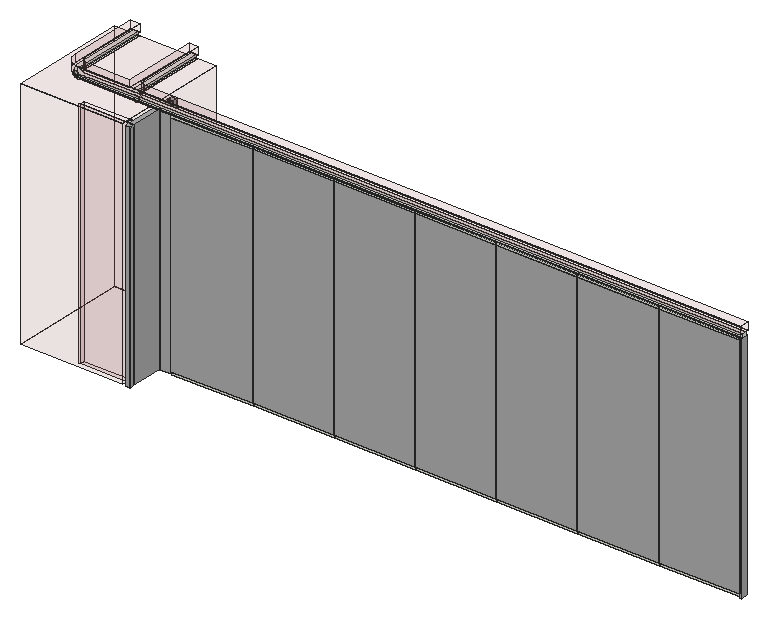
Revit family "Operable-Walls_Modernfold_Encore_Single-Panles_Expandable-9_-Remote-Panel-Parallel-Stack", category Specialty Equipment, Revit 2026
Family settings
  Round Connector Dimension = Use Diameter
  Part Type = Normal
  Classification Number = 23.25.40.17.14
  Work Plane-Based = No
  Enable Cutting in Views = No
  Always vertical = Yes
  Cut with Voids When Loaded = No
  Maintain Annotation Orientation = No
  Shared = No
  Room Calculation Point = No
Parameters (values of type "Pocket Door Type I")
  zWallOffsetMIN [instance] = 0' - 4 7/8"  # constant formula
  zWallOffsetCTRL [instance] = if(Wall Offset < zWallOffsetMIN, zWallOffsetMIN, Wall Offset)  # 0' - 4 7/8"
  zWallJambVis [instance] = if([1.25 Inch Wall Jamb], 1 = 1, if(and(Bulb Seal, NotStack), 1 = 1, 1 = 0))  # yes
  zPocketDoorWidth [instance] = (Clearance Depth) - Stack Depth  # 3' - 0"
  zNoPckt = 1 = 1  # yes
  zHghtLmt [instance] = if(Ceiling Height > Ceiling Height Max, Ceiling Height Max, if(Ceiling Height < Ceiling Height Min, Ceiling Height Min, Ceiling Height))  # 12' - 0"
  zClearanceHeight = 0' - 4 7/8"  # constant formula
  zCCMID [instance] = Carrier Centers / 2  # 1' - 6"
  Wall Offset [instance] = 0' - 0"
  URL = "https://www.modernfold.com/en-US"
  Trim Material = Trim Color - Modernfold-Sherwin Williams® - Natural Choice
  Track Trim = 0' - 0 1/8"  # constant formula
  Track Material = Track Color - Modernfold - White
  Track Clearance Vis [instance] = yes
  StacksWPanel [instance] = and(Stack, Bulb Seal)  # no
  Stack Depth [instance] = (0' 5" * Number of Panels) + 0' 2"  # 3' - 1"
  Stack Clearance Vis [instance] = yes
  Stack [instance] = no
  Pocket Door Primary Leaf [instance] = (zPocketDoorWidth - 0' 6" - 0' 1")  # 2' - 5"
  Pocket Door Clearance Vis [instance] = yes
  Plan View Warning [instance] = or(Panel Width > Panel Width Max, Panel Width < Panel Width Min, Installation Width > Installation Width Max, Ceiling Height > Ceiling Height Max, Ceiling Height < Ceiling Height Min)  # no
  Panel Width [instance] = if(Expander Panel Width = 2' 10", (Installation Width - Lead Condition Width - 0' 7 3/4" - 2' 10") / (Number of Panels - 1), (Installation Width - Lead Condition Width - 0' 7 3/4") / (Number of Panels))  # 4' - 2.14286"
  Panel Thickness = 0' - 4 1/4"  # constant formula
  Panel Material = Wall Finish - Modernfold - Grey
  Expander Carrier Backset [instance] = Expander Panel Width - Carrier Centers - 0' 6"  # 0' - 8.14286"
  Carrier Backset [instance] = (Panel Width - Carrier Centers) / 2  # 0' - 7.07143"
  Additional Panels [instance] = 0
  Number of Panels [instance] = if(Additional Panels = 0, Min Panel Count Allowed, if((Min Panel Count Allowed + Additional Panels) > Max Panel Count Allowed, Max Panel Count Allowed, Min Panel Count Allowed + Additional Panels))  # 7
  NotStack [instance] = not(Stack)  # yes
  Model = "Acousti-Seal® Legacy® & Premier®"
  Min Panel Count Allowed [instance] = roundup((Installation Width - Lead Condition Width - 0' 7 3/4") / (Panel Width Max))  # 7
  Max Panel Count Allowed [instance] = rounddown((Installation Width - Lead Condition Width - 0' 7 3/4" - 2' 10") / (Panel Width Min)) + 1  # 9
  Manufacturer = "Modernfold"  # constant formula
  Lead Condition Width [instance] = if(Bulb Seal, 0' 0 1/4", 0' 1 1/4")  # 0' - 1 1/4"
  Installation Width [instance] = 30' - 0"
  Panel Width Min [instance] = 3' - 0"  # constant formula
  Panel Width Max [instance] = 4' - 3"  # constant formula
  Description = "Encore - Expandable (9\") Remote Panels - Single Panels - Parallel Stack - Pocket Door Type I"
  **Panel Count Available** [instance] = if((Min Panel Count Allowed + Additional Panels) > Max Panel Count Allowed, "Number of Panels does NOT fall within constraints listed. Panel count will default to minimum count allowed.", "Panel Count Available.")  # "Panel Count Available."
  Seal Width = 0' - 1 1/2"  # constant formula
  Panel Array Count [instance] = Number of Panels - 2  # 5
  Hinge Location [instance] = Expander Panel Width + 0' 7 3/4"  # 4' - 9.89286"
  Fabrication Height [instance] = zHghtLmt - Track Trim  # 11' - 11 7/8"
  Clearance Width [instance] = Carrier Centers + Clearance Lead + ClearTrailInt * 0' 1"  # 5' - 3"
  Clearance Trail [instance] = ClearTrailInt * 0' 1"  # 1' - 1"
  Clearance Lead [instance] = ClearLeadInt * 0' 1"  # 1' - 2"
  Clearance Depth [instance] = Stack Depth + 3' 0"  # 6' - 1"
  ClearTrailInt [instance] = roundup((Carrier Backset + 0' 5") / 0' 1")  # 13
  ClearLeadInt [instance] = roundup((Expander Carrier Backset + 0' 5") / 0' 1")  # 14
  Ceiling Height [instance] = 12' - 0"
  Carrier Centers [instance] = if((CSpacingInt * 0' 1") > Carrier Spacing Max, Carrier Spacing Max, (CSpacingInt * 0' 1"))  # 3' - 0"
  CSpacingInt [instance] = rounddown((Panel Width - 1' 0") / 0' 1")  # 38
  Bulb Seal [instance] = not([1.25 Inch Wall Jamb])  # no
  Carrier Spacing Max [instance] = 3' - 0"  # constant formula
  Installation Width Max [instance] = 86' - 5"  # constant formula
  Does not Stack with Panels [instance] = and(Stack, [1.25 Inch Wall Jamb])  # no
  Default Elevation = 0' - 0"
  Ceiling Height Min [instance] = 4' - 2"  # constant formula
  Ceiling Height Max [instance] = 16' - 4"  # constant formula
  Expander Panel Width [instance] = if((Installation Width - Lead Condition Width - 0' 7 3/4") / (Number of Panels) < 2' 10", 2' 10", (Installation Width - Lead Condition Width - 0' 7 3/4") / (Number of Panels))  # 4' - 2.14286"
  Bottom Seal Height = 0' - 2"  # constant formula
  1.25 Inch Wall Jamb [instance] = yes
Reference planes (in)
  plane 1 "Center (Front/Back)": y = 0
  plane 2: z = 0
  plane 3 "Left": x = -57.06482
  plane 4 "F": y = -24
  plane 5 "G": y = 49
  plane 6 "J&K": x = -124.93982
  plane 7 "L": x = -75.93982
  plane 8: x = 0.82804
  plane 9: x = 50.97089
  plane 10: x = 302.93518
  plane 11: x = 301.68518
  plane 12: x = 50.97089
  plane 13: z = 144
  plane 14: z = 143.875
  plane 15: y = 0.75
  plane 16: y = -0.75
  plane 17: z = 2
  plane 18: z = 2.625
  plane 19: y = 2.125
  plane 20: y = -2.125
  plane 21: y = 2.5
  plane 22: y = -2.5
  plane 23: y = 2.1543
  plane 24: y = -2.1543
  plane 25: z = 150.875
  plane 26: z = 142.625
  plane 27: z = 142.125
  plane 28: y = 1.80291
  plane 29: x = -56.81482
  plane 30: x = -111.93982
  plane 31: y = 12
  plane 32: x = -79.93982
  plane 33: x = -93.93982
  plane 34: y = 44.1875
  plane 35: y = 39.5
  plane 36: y = 34.5
  plane 37: x = -61.93982
  plane 38: x = -69.93982
  plane 39: y = 6
  plane 40: x = -105.93982
  plane 41: y = 6
  plane 42: z = 146
  plane 43: x = -117.93982
Forms (in)
  Sweep 1, solid, material "Track Color - Modernfold - White" <- "Track Material"
    path origin (0, 59.99238, 144) x (0, 1, 0) y (-1, 0, 0)
      loop
        line (-59.99238, -302.93518) -> (-59.99238, 69.93982)
        arc (-59.99238, 69.93982) -> (-58.23502, 74.18246) -> (-53.99238, 75.93982) r 6
        line (-53.99238, 75.93982) -> (-10.99238, 75.93982)
    profile "Track-Profile : Track-Profile" origin (116.49768, 0, 144) x (0, -1, 0) y (0, 0, 1)
      loop
        line (1.24975, 2) -> (-1.24975, 2) -> (-1.24975, 0) -> (-2.125, 0) -> (-2.125, -0.125) -> (2.125, -0.125) -> (2.125, 0) -> (1.24975, 0) -> (1.24975, 2)
  Extrusion 2, solid, material "Clearance", visible <- "Stack Clearance Vis"
    sketch origin (0, 0, 0) x (1, 0, 0) y (0, 1, 0)
      loop
        line (-124.93982, 49) -> (-124.93982, -24) -> (-61.93982, -24) -> (-61.93982, 49) -> (-124.93982, 49)
    from 0 to 143.875
  Extrusion 3, solid, material "Clearance", visible <- "Track Clearance Vis"
    sketch origin (0, 0, 0) x (1, 0, 0) y (0, 1, 0)
      loop
        line (-72.93982, 49) -> (-78.93982, 49) -> (-78.93982, 3) -> (-105.93982, 3)
        arc (-105.93982, 3) -> (-108.06114, 3.87868) -> (-108.93982, 6) r 3
        line (-108.93982, 6) -> (-108.93982, 49) -> (-114.93982, 49) -> (-114.93982, 6)
        arc (-114.93982, 6) -> (-112.30378, -0.36396) -> (-105.93982, -3) r 9
        line (-105.93982, -3) -> (302.93518, -3) -> (302.93518, 3) -> (-69.93982, 3)
        arc (-69.93982, 3) -> (-72.06114, 3.87868) -> (-72.93982, 6) r 3
        line (-72.93982, 6) -> (-72.93982, 49)
    from 146 to 150.875
  Sweep 4, solid, material "Track Color - Modernfold - White" <- "Track Material"
    path origin (0, 59.99238, 144) x (0, 1, 0) y (-1, 0, 0)
      loop
        line (-59.99238, 69.93982) -> (-59.99238, 105.93982)
        arc (-59.99238, 105.93982) -> (-58.23502, 110.18246) -> (-53.99238, 111.93982) r 6
        line (-53.99238, 111.93982) -> (-10.99238, 111.93982)
    profile "Track-Profile : Track-Profile" origin (-87.93982, 0, 144) x (0, -1, 0) y (0, 0, 1)
      loop
        line (1.24975, 2) -> (-1.24975, 2) -> (-1.24975, 0) -> (-2.125, 0) -> (-2.125, -0.125) -> (2.125, -0.125) -> (2.125, 0) -> (1.24975, 0) -> (1.24975, 2)
Lines and regions (in)
  symbolic lines, style "Track Centerline"
    curve 1: line (-75.93982, 6, 0) -> (-75.93982, 49, 0)
    curve 2: line (302.93518, 0, 0) -> (-105.93982, 0, 0)
    curve 11: line (-111.93982, 49, 0) -> (-111.93982, 6, 0)
    curve 12: arc (-75.93982, 6, 0) -> (-74.18246, 1.75736, 0) -> (-69.93982, 0, 0) r 6
    curve 13: arc (-111.93982, 6, 0) -> (-110.18246, 1.75736, 0) -> (-105.93982, 0, 0) r 6
  symbolic lines, style "Clearance", visible <- "Track Clearance Vis"
    curve 3: line (302.93518, -3, 0) -> (302.93518, 3, 0)
    curve 14: line (302.93518, 3, 0) -> (-69.93982, 3, 0)
    curve 15: arc (-69.93982, 3, 0) -> (-72.06114, 3.87868, 0) -> (-72.93982, 6, 0) r 3
    curve 16: line (-72.93982, 6, 0) -> (-72.93982, 49, 0)
    curve 17: line (-72.93982, 49, 0) -> (-78.93982, 49, 0)
    curve 18: line (-78.93982, 49, 0) -> (-78.93982, 3, 0)
    curve 19: line (-78.93982, 3, 0) -> (-105.93982, 3, 0)
    curve 20: arc (-105.93982, 3, 0) -> (-108.06114, 3.87868, 0) -> (-108.93982, 6, 0) r 3
    curve 21: line (-108.93982, 6, 0) -> (-108.93982, 49, 0)
    curve 22: line (-108.93982, 49, 0) -> (-114.93982, 49, 0)
    curve 23: line (-114.93982, 49, 0) -> (-114.93982, 6, 0)
    curve 24: arc (-114.93982, 6, 0) -> (-112.30378, -0.36396, 0) -> (-105.93982, -3, 0) r 9
    curve 25: line (-105.93982, -3, 0) -> (302.93518, -3, 0)
    curve 26: line (302.93518, -3, 0) -> (302.93518, 3, 0)
  symbolic lines, style "Track outline"
    curve 4: line (-113.18957, 0, 146) -> (302.93518, 0, 146)
    curve 5: line (-113.18957, 0, 146) -> (-113.18957, 0, 143.875)
    curve 6: line (302.93518, 0, 146) -> (302.93518, 0, 143.875)
    curve 7: line (-57.06482, 44.6543, 143.875) -> (-57.06482, 44.6543, 146)
    curve 8: line (-57.06482, -2.1543, 146) -> (-57.06482, -2.1543, 143.875)
    curve 9: line (-57.06482, -2.5, 143.875) -> (-57.06482, 45.5293, 143.875)
    curve 10: line (-57.06482, 44.6543, 146) -> (-57.06482, -2.1543, 146)
    curve 31: line (-114.06482, 0, 143.875) -> (302.93518, 0, 143.875)
    curve 32: line (-113.18957, 0, 144) -> (302.93518, 0, 144)
    curve 33: line (-57.06482, -2.1543, 144) -> (-57.06482, 44.6543, 144)
  symbolic lines, style "Clearance", visible <- "Stack Clearance Vis"
    curve 27: line (-61.93982, 49, 0) -> (-124.93982, 49, 0)
    curve 28: line (-124.93982, 49, 0) -> (-124.93982, -24, 0)
    curve 29: line (-124.93982, -24, 0) -> (-61.93982, -24, 0)
    curve 30: line (-61.93982, -24, 0) -> (-61.93982, 49, 0)
Dimensions and locks (in)
  "Installation Width": plane 3 "Left" to plane 10
  "Hinge Location": plane 3 "Left" to plane 8
  "Panel Width": plane 8 to plane 9
  "Lead Condition Width": plane 11 to plane 10
  "zHghtLmt": plane 13 to level
  "Track Trim": plane 13 to plane 14
  plane 14 to level = 11' - 11 7/8"
  "Bottom Seal Height": plane 17 to level
  equal spacing: plane 15, plane 1 "Center (Front/Back)", plane 16
  "Seal Width": plane 15 to plane 16
  locked: plane 18 to plane 17 at 0.625
  equal spacing: plane 19, plane 1 "Center (Front/Back)", plane 20
  "Panel Thickness": plane 19 to plane 20
  equal spacing: plane 21, plane 1 "Center (Front/Back)", plane 22
  locked: plane 21 to plane 22 at 5
  plane 14 to plane 26 to plane 27 = 0' - 1 1/4" locked, 0' - 0 1/2" locked
  equal spacing: group 1, group 5, group 7, group 8, group 2  (x3)
  equal spacing: group 3, group 6, group 9, group 10, group 4  (x3)
  locked: plane 1 "Center (Front/Back)" to plane 28 at 1.80291
  locked: plane 3 "Left" to plane 29 at 0.25
  locked: plane 1 "Center (Front/Back)" to plane 31 at 12
  "Stack Depth": plane 31 to plane 5 "G"
  locked: plane 32 to plane 7 "L" at 4
  locked: plane 5 "G" to plane 34 at 4.8125
  locked: plane 5 "G" to plane 35 at 9.5
  locked: plane 5 "G" to plane 36 at 14.5
  "zWallOffsetCTRL": plane 37 to plane 3 "Left"
  "Clearance Width": plane 6 "J&K" to plane 37
  "Clearance Lead": plane 7 "L" to plane 37
  "Carrier Centers": plane 30 to plane 7 "L"
  locked: plane 7 "L" to plane 38 at 6
  locked: plane 1 "Center (Front/Back)" to plane 39 at 6
  locked: plane 30 to plane 40 at 6
  locked: plane 1 "Center (Front/Back)" to plane 41 at 6
  locked: plane 42 to plane 13 at 2
  "zClearanceHeight": plane 25 to plane 42
  Extrusion 3 sketch curve to plane 30 to Extrusion 3 sketch curve = 0' - 3" locked, 0' - 3" locked
  Extrusion 3 sketch curve to plane 1 "Center (Front/Back)" to Extrusion 3 sketch curve = 0' - 3" locked, 0' - 3" locked
  Extrusion 3 sketch curve to plane 7 "L" to Extrusion 3 sketch curve = 0' - 3" locked, 0' - 3" locked
  locked: plane 1 "Center (Front/Back)" to Extrusion 3 sketch curve at 3
  locked: plane 4 "F" to plane 1 "Center (Front/Back)" at 24
  "zCCMID": plane 33 to plane 7 "L"
  locked: plane 43 to plane 30 at 6
  aligned and locked: plane 2 to level
  aligned and locked: Sweep 1 sketch curve to plane 1 "Center (Front/Back)"
  aligned and locked: plane 12 to nested 1
  aligned and locked: plane 1 "Center (Front/Back)" to nested 1
  aligned and locked: plane 11 to nested 2
  aligned and locked: plane 1 "Center (Front/Back)" to nested 2
  aligned and locked: plane 1 "Center (Front/Back)" to nested 4
  aligned and locked: plane 11 to nested 4
  aligned and locked: plane 1 "Center (Front/Back)" to nested 5
  aligned and locked: plane 8 to nested 5
  aligned and locked: plane 8 to nested 6
  aligned and locked: plane 1 "Center (Front/Back)" to nested 6
  aligned and locked: plane 1 "Center (Front/Back)" to nested 7
  aligned and locked: Extrusion 2 sketch curve to plane 4 "F"
  aligned and locked: Extrusion 2 sketch curve to plane 5 "G"
  aligned and locked: plane 10 to curve 2
  aligned and locked: Extrusion 3 sketch curve to plane 10
  aligned and locked: curve 3 to Extrusion 3
  aligned and locked: plane 12 to plane 9
  aligned and locked: plane 1 "Center (Front/Back)" to nested 13
  aligned and locked: plane 29 to nested 13
  aligned and locked: Extrusion 3 sketch curve to plane 5 "G"
  aligned and locked: plane 5 "G" to curve 1
  aligned and locked: plane 5 "G" to Extrusion 3 sketch curve
  aligned and locked: curve 11 to plane 30
  aligned and locked: plane 5 "G" to curve 11
  aligned and locked: nested 10 to plane 36
  aligned and locked: nested 11 to nested 3
  aligned and locked: plane 37 to Extrusion 2
  aligned and locked: plane 38 to Sweep 1 sketch curve
  aligned and locked: plane 5 "G" to Sweep 1 sketch curve
  aligned and locked: plane 39 to Sweep 1 sketch curve
  aligned and locked: Sweep 4 sketch curve to plane 1 "Center (Front/Back)"
  aligned and locked: plane 38 to Sweep 4 sketch curve
  aligned and locked: plane 30 to Sweep 4 sketch curve
  aligned and locked: plane 5 "G" to Sweep 4 sketch curve
  aligned and locked: plane 41 to Sweep 4 sketch curve
  aligned and locked: plane 40 to Sweep 4 sketch curve
  aligned and locked: plane 40 to curve 2
  aligned and locked: plane 41 to curve 11
  aligned and locked: plane 39 to curve 1
  aligned and locked: Extrusion 3 to plane 42
  aligned and locked: curve 10 to plane 42
  aligned and locked: plane 25 to Extrusion 3
  aligned and locked: plane 41 to Extrusion 3 sketch curve  (x2)
  aligned and locked: plane 39 to Extrusion 3 sketch curve
  aligned and locked: plane 40 to Extrusion 3 sketch curve  (x2)
  aligned and locked: plane 38 to Extrusion 3 sketch curve
  aligned and locked: curve 14 to Extrusion 3
  aligned and locked: curve 15 to Extrusion 3
  aligned and locked: curve 16 to Extrusion 3
  aligned and locked: curve 17 to Extrusion 3
  aligned and locked: curve 18 to Extrusion 3
  aligned and locked: curve 19 to Extrusion 3
  aligned and locked: curve 20 to Extrusion 3
  aligned and locked: curve 21 to Extrusion 3
  aligned and locked: curve 22 to Extrusion 3
  aligned and locked: curve 23 to Extrusion 3
  aligned and locked: curve 24 to Extrusion 3
  aligned and locked: curve 25 to Extrusion 3
  aligned and locked: curve 26 to Extrusion 3
  aligned and locked: curve 27 to Extrusion 2
  aligned and locked: curve 28 to Extrusion 2
  aligned and locked: curve 29 to Extrusion 2
  aligned and locked: curve 30 to Extrusion 2
  aligned and locked: nested 16 to plane 3 "Left"
  aligned and locked: plane 4 "F" to nested 16
  aligned and locked: nested 3 to plane 33
  aligned and locked: nested 10 to plane 33
  aligned and locked: plane 14 to Extrusion 2
  aligned and locked: nested 7 to plane 29
  aligned and locked: plane 31 to nested 11
  aligned and locked: curve 4 to plane 42
  aligned and locked: curve 5 to Sweep 4
  aligned and locked: curve 31 to Sweep 4
  aligned and locked: curve 32 to Sweep 4
  aligned and locked: curve 33 to plane 13
  aligned and locked: nested 9 to plane 35
  aligned and locked: plane 33 to nested 9
  aligned and locked: nested 8 to plane 34
  aligned and locked: plane 43 to nested 8
Automatic sketch dimensions
  plane 6 "J&K" to Extrusion 2 sketch curve = 0' - 0"
  Extrusion 2 sketch curve to plane 3 "Left" = 0' - 4 7/8"
  Sweep 1 sketch curve to plane 10 = 0' - 0"
  curve 32 to plane 10 = 0' - 0"
  curve 31 to curve 5 = 0' - 0.87525"
  curve 9 to plane 22 = 0' - 0"
  curve 10 to plane 24 = 0' - 0"
  curve 7 to plane 14 = 0' - 0"
  curve 10 to plane 34 = 0' - 0.4668"
  curve 7 to curve 9 = 0' - 0 7/8"
  curve 12 to curve 15 = 0' - 0"  (x2)
  curve 13 to curve 20 = 0' - 0"  (x2)
  curve 13 to curve 24 = 0' - 0"  (x2)
  curve 1 to plane 7 "L" = 0' - 0"
  curve 22 to plane 30 = 0' - 3"
  curve 11 to curve 21 = 0' - 3"
  plane 32 to curve 17 = 0' - 1"
  plane 7 "L" to curve 16 = 0' - 3"
Nested families (in)
  nested 1: "Panel" at (76.04232, 0, 0), visible <- "NotStack", type "Extended"
    with LEAD yes, Dash Width 0' - 7.98214", CarrierVis yes, Width 4' - 2.14286", Carrier Spacing 3' - 0"
  nested 2: "Panel" at (276.61375, 0, 0), visible <- "NotStack", type "Extended"
    with LEAD yes, Dash Width 0' - 7.98214", CarrierVis yes, Width 4' - 2.14286", Carrier Spacing 3' - 0"
  nested 3: "Panel" at (-93.93982, 14.125, 0) x (-1, 0, 0) z (0, 0, 1), visible <- "Stack", type "Stack"
    with LEAD yes, Dash Width 0' - 7.98214", CarrierVis yes, Width 4' - 2.14286", Carrier Spacing 3' - 0"
  nested 4: "Jamb" at (301.68518, 0, 0), visible <- "zWallJambVis", Jamb <- "1.25 Inch Wall Jamb", jamb rect <- "Bulb Seal", type "Jamb"
    with zThickness 0' - 4 1/4", zRadius 0' - 9 5/32", rect stack no, jamb rect no, Lead Condition Width 0' - 1 1/4", Jamb yes, BulbStack no, Bulb Seal no, Fabrication Height 11' - 11 7/8"
  nested 5: "Panel" at (25.89946, 0, 0), visible <- "NotStack", type "Extended"
    with LEAD no, Dash Width 0' - 7.98214", CarrierVis no, Width 4' - 2.14286", Carrier Spacing 3' - 0"
  nested 6: "Panel" at (-24.24339, 0, 0), visible <- "NotStack", type "StarterPanel Ext"
    with LEAD no, Dash Width 0' - 7.98214", CarrierVis no, Width 4' - 2.14286", Carrier Spacing 3' - 0"
  nested 7: "Jamb" at (-56.81482, 0, 0) x (-1, 0, 0) z (0, 0, 1), visible <- "NotStack", type "Jamb"
    with zThickness 0' - 2 1/2", zRadius 0' - 3 1/4", rect stack no, jamb rect no, Lead Condition Width 0' - 0 1/4", Jamb no, BulbStack no, Bulb Seal yes, Fabrication Height 11' - 11 7/8"
  nested 8: "Panel" at (-92.86839, 44.1875, 0), visible <- "Stack", type "StarterPanel Stack"
    with LEAD no, Dash Width 0' - 7.98214", CarrierVis no, Width 4' - 2.14286", Carrier Spacing 3' - 0"
  nested 9: "Panel" at (-93.93982, 39.5, 0), visible <- "Stack", type "Stack"
    with LEAD no, Dash Width 0' - 7.98214", CarrierVis no, Width 4' - 2.14286", Carrier Spacing 3' - 0"
  nested 10: "Panel" at (-93.93982, 34.5, 0) x (-1, 0, 0) z (0, 0, 1), visible <- "Stack", type "Stack"
    with LEAD yes, Dash Width 0' - 7.98214", CarrierVis yes, Width 4' - 2.14286", Carrier Spacing 3' - 0"
  nested 11: "Jamb" at (-68.86839, 14.1305, 0), visible <- "StacksWPanel", type "Jamb"
    with zThickness 0' - 4.261", zRadius 0' - 9 5/32", rect stack yes, jamb rect no, Lead Condition Width 0' - 0 1/4", Jamb no, BulbStack no, Bulb Seal no, Fabrication Height 11' - 11 7/8"
  nested 12: "Modernfold Warning" at (12.01728, -5.976, 0), visible <- "Plan View Warning", type "Modernfold Warning"
  nested 13: "Panel nose" at (-56.81482, 0, 0), visible <- "NotStack", type "Panel nose"
    with Jamb yes, BulbStack yes, Bulb Seal no, Fabrication Height 11' - 11 7/8"
  nested 14: "Panel" at (126.18518, 0, 0), visible <- "NotStack", type "Extended"
    with LEAD yes, Dash Width 0' - 7.98214", CarrierVis yes, Width 4' - 2.14286", Carrier Spacing 3' - 0"
  nested 15: "Panel" at (-93.93982, 19.21875, 0) x (-1, 0, 0) z (0, 0, 1), visible <- "Stack", type "Stack"
    with LEAD yes, Dash Width 0' - 7.98214", CarrierVis yes, Width 4' - 2.14286", Carrier Spacing 3' - 0"
  nested 16: "Type-I" at (-58.56482, -24, 0) x (0, 1, 0) z (0, 0, 1), Pocket Door Clearance <- "Pocket Door Clearance Vis", type "Type I"
    with Stack no, Pocket Door Clearance yes, Meeting Jamb 0' - 3", I_PD Leaf A 2' - 5", Hinged Jamb 0' - 3", Gap 0' - 1", Close yes, C.L. of Track 0' - 4 1/2"
  nested 17: "Panel" at (176.32804, 0, 0), visible <- "NotStack", type "Extended"
    with LEAD yes, Dash Width 0' - 7.98214", CarrierVis yes, Width 4' - 2.14286", Carrier Spacing 3' - 0"
  nested 18: "Panel" at (226.47089, 0, 0), visible <- "NotStack", type "Extended"
    with LEAD yes, Dash Width 0' - 7.98214", CarrierVis yes, Width 4' - 2.14286", Carrier Spacing 3' - 0"
  nested 19: "Panel" at (-93.93982, 24.3125, 0) x (-1, 0, 0) z (0, 0, 1), visible <- "Stack", type "Stack"
    with LEAD yes, Dash Width 0' - 7.98214", CarrierVis yes, Width 4' - 2.14286", Carrier Spacing 3' - 0"
  nested 20: "Panel" at (-93.93982, 29.40625, 0) x (-1, 0, 0) z (0, 0, 1), visible <- "Stack", type "Stack"
    with LEAD yes, Dash Width 0' - 7.98214", CarrierVis yes, Width 4' - 2.14286", Carrier Spacing 3' - 0"
Definition of nested family "Panel"
  Parameters (values of type "StarterPanel Stack")
    Width = 3' - 8.35"
    Vertical Trim Control = and(Show Panel, Vertical Trim)  # no
    Vertical Trim = no
    URL = ""
    Trim Thickness = 0' - 1.38"  # constant formula
    Top Sweep = 0' - 1 1/4"  # constant formula
    Stack Line = yes
    Show Panel Dash = not(Show Panel)  # yes
    Show Panel = no
    Panel Width Control = if(Vertical Trim, 0' 0 3/4", 0' 0")  # 0' - 0"
    Panel Thickness = 0' - 4 1/4"
    Manufacturer = ""
    Leaf = yes
    LEAD [instance] = yes
    Keynote = ""
    Height = 11' - 11 7/8"
    Finished Floor Thickness = 0' - 0"
    Finish Material Metal = none
    Finish Material Panel = none
    Default Elevation = 0' - 0"
    Dash Width [instance] = (Width - 0' 2 1/4") / 6  # 0' - 7.01667"
    CarrierVis [instance] = no
    Carrier Spacing = 2' - 8"
    Bottom Seal Height = 0' - 2"
  Types (4): name | Show Panel Dash | Show Panel | Leaf
    Extended | no | yes | no
    Stack | yes | no | no
    StarterPanel Stack | yes | no | yes
    StarterPanel Ext | no | yes | no
  Reference planes (in)
    plane 1 "Center (Front/Back)": y = 0
    plane 2: z = 0
    plane 3 "Bottom Panel": z = 0
    plane 4 "Top": z = 143.875
    plane 5 "Bottom Seal": z = 2
    plane 6 "Bottom Trim": z = 2
    plane 7 "Center (Left/Right)": x = 0
    plane 8 "Back": y = 2.125
    plane 9 "Front": y = -2.125
    plane 10 "Back Seal": y = 1.3125
    plane 11 "Front Seal": y = -1.3125
    plane 12: z = 142.495
    plane 13: x = -22.175
    plane 14: x = 22.175
    plane 15: x = -21.675
    plane 16: x = 21.675
    plane 17: x = -16
    plane 18: x = 16
    plane 19: x = -22.165
    plane 20: x = 22.165
    plane 21: x = -13.165
  Forms (in)
    Extrusion 1, solid, material <- "Finish Material Metal", visible <- "Show Panel", detail levels coarse+medium
      sketch origin (-23.61111, 0, 0) x (0, 1, 0) y (0, 0, 1)
        loop
          line (2.125, 0) -> (2.125, 2) -> (-2.125, 2) -> (-2.125, 0) -> (2.125, 0)
      from 1.43611 to 45.78611
    Extrusion 2, solid, material <- "Finish Material Panel", visible <- "Show Panel"
      sketch origin (0, -2.125, 0) x (1, 0, 0) y (0, 0, 1)
        loop
          line (-22.165, 142.495) -> (-22.165, 2) -> (22.165, 2) -> (22.165, 142.495) -> (-22.165, 142.495)
      from 0 to -4.25
    Extrusion 3, solid, material <- "Finish Material Metal", visible <- "Show Panel"
      sketch origin (0, 0, 0) x (0, 1, 0) y (0, 0, 1)
        loop
          line (2.125, 143.875) -> (-2.125, 143.875) -> (-2.125, 142.495) -> (2.125, 142.495) -> (2.125, 143.875)
      from -22.175 to 22.175
    Extrusion 4, solid, visible <- "Show Panel Dash"
      sketch origin (0, 0, 0) x (1, 0, 0) y (0, 1, 0)
        loop
          line (22.175, 2.125) -> (-22.175, 2.125) -> (-22.175, -2.125) -> (22.175, -2.125) -> (22.175, 2.125)
      from 0 to 143.875
    Extrusion 5, solid, visible <- "Leaf"
      sketch origin (0, 0, 0) x (1, 0, 0) y (0, 1, 0)
        loop
          line (-13.165, 1.25) -> (-22.165, 1.25) -> (-22.165, -1.25) -> (-13.165, -1.25) -> (-13.165, 1.25)
      from 0 to 143.875
    Extrusion 6, solid, material <- "Finish Material Metal", visible <- "Show Panel", detail levels fine
      sketch origin (0, 0, 0) x (0, 1, 0) y (0, 0, 1)
        loop
          line (1.3125, 2) -> (-1.3125, 2) -> (-1.3125, 0) -> (1.3125, 0) -> (1.3125, 2)
      from -22.165 to 22.165
  Lines and regions (in)
    Masking region 1, visible <- "Show Panel"
      outline origin (0, 0, 2) x (-1, 0, 0) y (0, -1, 0)
        loop
          line (-22.175, -2.125) -> (22.175, -2.125) -> (22.175, 2.125) -> (-22.175, 2.125) -> (-22.175, -2.125)
    symbolic lines, visible <- "CarrierVis", detail levels medium+fine
      curve 1: circle (-16, 0, 0) r 0.6875 normal (0, 0, 1)
      curve 2: circle (16, 0, 0) r 0.6875 normal (0, 0, 1)
    symbolic lines, visible <- "Show Panel Dash"
      curve 3: line (-22.175, -2.125, 0) -> (22.175, -2.125, 0)
      curve 4: line (22.175, -2.125, 0) -> (22.175, 2.125, 0)
      curve 5: line (22.175, 2.125, 0) -> (-22.175, 2.125, 0)
      curve 6: line (-22.175, 2.125, 0) -> (-22.175, -2.125, 0)
    symbolic lines, visible <- "Leaf"
      curve 7: line (-22.175, 1.25, 0) -> (-13.165, 1.25, 0)
      curve 8: line (-22.175, -1.25, 0) -> (-22.175, 1.25, 0)
      curve 9: line (-13.165, -1.25, 0) -> (-22.175, -1.25, 0)
      curve 10: line (-13.165, 1.25, 0) -> (-13.165, -1.25, 0)
  Dimensions and locks (in)
    "Height": plane 4 "Top" to plane 3 "Bottom Panel"
    "Bottom Seal Height": plane 5 "Bottom Seal" to plane 3 "Bottom Panel"
    "Panel Thickness": plane 9 "Front" to plane 8 "Back"
    "Finished Floor Thickness": plane 3 "Bottom Panel" to plane 2
    equal spacing: plane 9 "Front", plane 1 "Center (Front/Back)", plane 8 "Back"
    equal spacing: plane 14, plane 7 "Center (Left/Right)", plane 13
    "Width": plane 14 to plane 13
    locked: plane 15 to plane 13 at 0.5
    locked: plane 14 to plane 16 at 0.5
    equal spacing: plane 17, plane 7 "Center (Left/Right)", plane 18
    "Carrier Spacing": plane 17 to plane 18
    plane 10 "Back Seal" to plane 11 "Front Seal" = 0' - 2 5/8"
    equal spacing: plane 10 "Back Seal", plane 1 "Center (Front/Back)", plane 11 "Front Seal"
    locked: plane 19 to plane 13 at 0.01
    locked: plane 20 to plane 14 at 0.01
    "Trim Thickness": plane 4 "Top" to plane 12
    locked: plane 21 to plane 19 at 9
    aligned and locked: plane 2 to level
    aligned and locked: Extrusion 1 sketch curve to plane 6 "Bottom Trim"
    aligned and locked: Extrusion 1 sketch curve to plane 3 "Bottom Panel"
    aligned and locked: Extrusion 1 sketch curve to plane 9 "Front"
    aligned and locked: Extrusion 1 sketch curve to plane 8 "Back"
    aligned and locked: Masking region 1 sketch curve to plane 8 "Back"
    aligned and locked: Masking region 1 sketch curve to plane 9 "Front"
    aligned and locked: Extrusion 2 sketch curve to plane 12
    aligned and locked: Extrusion 2 sketch curve to plane 6 "Bottom Trim"
    aligned and locked: Extrusion 3 sketch curve to plane 8 "Back"
    aligned and locked: Extrusion 3 sketch curve to plane 9 "Front"
    aligned and locked: plane 12 to Extrusion 3 sketch curve
    aligned and locked: plane 1 "Center (Front/Back)" to curve 1
    aligned and locked: plane 1 "Center (Front/Back)" to curve 2
    aligned and locked: plane 14 to Extrusion 1
    aligned and locked: Extrusion 1 to plane 13
    aligned and locked: Masking region 1 to plane 13
    aligned and locked: plane 14 to Masking region 1
    aligned and locked: Extrusion 4 sketch curve to plane 8 "Back"
    aligned and locked: Extrusion 4 sketch curve to plane 9 "Front"
    aligned and locked: Extrusion 4 sketch curve to plane 13
    aligned and locked: Extrusion 4 sketch curve to plane 14
    aligned and locked: plane 4 "Top" to Extrusion 4
    aligned and locked: Extrusion 4 to level
    aligned and locked: curve 3 to Masking region 1
    aligned and locked: curve 4 to Masking region 1
    aligned and locked: curve 5 to Masking region 1
    aligned and locked: curve 6 to Masking region 1
    aligned and locked: Extrusion 3 to plane 13
    aligned and locked: plane 14 to Extrusion 3
    aligned and locked: Extrusion 2 to plane 19
    aligned and locked: plane 4 "Top" to Extrusion 5
    aligned and locked: Extrusion 2 to plane 8 "Back"
    aligned and locked: plane 6 "Bottom Trim" to plane 5 "Bottom Seal"
    aligned and locked: plane 4 "Top" to Extrusion 3
    aligned and locked: plane 6 "Bottom Trim" to Extrusion 6
    aligned and locked: Extrusion 6 to level
    aligned and locked: plane 11 "Front Seal" to Extrusion 6
    aligned and locked: Extrusion 6 to plane 10 "Back Seal"
    aligned and locked: Extrusion 6 to plane 19
    aligned and locked: Extrusion 6 to plane 20
    aligned and locked: plane 21 to Extrusion 5
    aligned and locked: Extrusion 5 to plane 19
    aligned and locked: curve 7 to Extrusion 5
    aligned and locked: curve 8 to curve 6
    aligned and locked: curve 9 to Extrusion 5
    aligned and locked: curve 10 to Extrusion 5
  Automatic sketch dimensions
    plane 7 "Center (Left/Right)" to Masking region 1 sketch curve = 1' - 10.175"
    Masking region 1 sketch curve to plane 7 "Center (Left/Right)" = 1' - 10.175"
    plane 20 to Extrusion 2 sketch curve = 0' - 0"
    plane 13 to Extrusion 2 sketch curve = 0' - 0.01"
    Extrusion 3 sketch curve to plane 4 "Top" = 0' - 0"
    Extrusion 6 sketch curve to plane 11 "Front Seal" = 0' - 0"
    plane 10 "Back Seal" to Extrusion 6 sketch curve = 0' - 0"
    level to Extrusion 6 sketch curve = 0' - 0"
    Extrusion 6 sketch curve to plane 5 "Bottom Seal" = 0' - 0"
    plane 13 to Extrusion 5 sketch curve = 0' - 0.01"
    Extrusion 5 sketch curve to plane 11 "Front Seal" = 0' - 0 1/16"
    plane 10 "Back Seal" to Extrusion 5 sketch curve = 0' - 0 1/16"
    Extrusion 5 sketch curve to plane 7 "Center (Left/Right)" = 1' - 1.165"
    plane 9 "Front" to curve 6 = 0' - 0"
    curve 9 to plane 13 = 0' - 0"
    curve 1 to plane 17 = 0' - 0"
    curve 2 to plane 18 = 0' - 0"
    curve 3 to plane 14 = 0' - 0"
    plane 8 "Back" to curve 5 = 0' - 0"
    radius of curve 1 = 0' - 0 11/16"
    radius of curve 2 = 0' - 0 11/16"
Definition of nested family "Jamb"
  Parameters (values of type "Jamb")
    zThickness [instance] = 0' - 2 1/2"
    zRadius [instance] = if(zThickness = 0' 2 1/2", 0' 3 1/4", 0' 9 5/32")  # 0' - 3 1/4"
    rect stack [instance] = yes
    jamb rect [instance] = no
    Trim Material = none
    Panel Material = none
    Lead Condition Width [instance] = if(Jamb, 0' 1 1/4", 0' 0 1/4")  # 0' - 0 1/4"
    BulbStack [instance] = no
    Bulb Seal [instance] = yes
    Jamb [instance] = no
    Fabrication Height = 12' - 1 7/8"
    Default Elevation = 0' - 0"
  Reference planes (in)
    plane 1 "Center (Front/Back)": y = 0
    plane 2: z = 0
    plane 3 "Center (Left/Right)": x = 0
    plane 4: y = 1.25
    plane 5: y = -1.25
    plane 6: x = 0.25
  Forms (in)
    Extrusion 1, solid, material <- "Panel Material", visible <- "Jamb"
      sketch origin (0.25, 0.65625, 0) x (1, 0, 0) y (0, 1, 0)
        loop
          line (-0.25, 0.59375) -> (-0.25, -1.90625) -> (1, -1.90625) -> (1, 0.59375) -> (-0.25, 0.59375)
      from 0 to 145.875 <- "Fabrication Height"
    Extrusion 2, solid, material <- "Trim Material", visible <- "Bulb Seal"
      sketch origin (0.25, 0.65625, 0) x (1, 0, 0) y (0, 1, 0)
        loop
          line (-0.25, 0.59375) -> (-0.25, -1.90625)
          arc (-0.25, -1.90625) -> (0, -0.65625) -> (-0.25, 0.59375) r 3.25
      from 0 to 145.875
    Extrusion 3, solid, visible <- "BulbStack"
      sketch origin (0, 0, 0) x (1, 0, 0) y (0, 1, 0)
        loop
          line (0, 1.25) -> (0, -1.25)
          arc (0, -1.25) -> (0.25, 0) -> (0, 1.25) r 3.25
      from 0 to 145.875
    Extrusion 4, solid, material <- "Panel Material", visible <- "jamb rect"
      sketch origin (0, 0, 0) x (1, 0, 0) y (0, 1, 0)
        loop
          line (0, 1.25) -> (0, 0.75) -> (0.25, 0.75) -> (0.25, 1.25) -> (0, 1.25)
        loop
          line (0, -1.25) -> (0.25, -1.25) -> (0.25, -0.75) -> (0, -0.75) -> (0, -1.25)
      from 0 to 145.875 <- "Fabrication Height"
    Extrusion 5, solid, visible <- "rect stack"
      sketch origin (0, 0, 0) x (1, 0, 0) y (0, 1, 0)
        loop
          line (0, 1.25) -> (0, 0.75) -> (0.25, 0.75) -> (0.25, 1.25) -> (0, 1.25)
        loop
          line (0, -0.75) -> (0, -1.25) -> (0.25, -1.25) -> (0.25, -0.75) -> (0, -0.75)
      from 0 to 145.875 <- "Fabrication Height"
  Lines and regions (in)
    Masking region 1, visible <- "Jamb"
      outline origin (0, 0, 0) x (1, 0, 0) y (0, 1, 0)
        loop
          line (1.25, 1.25) -> (0, 1.25) -> (0, -1.25) -> (1.25, -1.25) -> (1.25, 1.25)
    Masking region 2, visible <- "Bulb Seal"
      outline origin (0, 0, 0) x (1, 0, 0) y (0, 1, 0)
        loop
          line (0, 1.25) -> (0, -1.25)
          arc (0, -1.25) -> (0.25, 0) -> (0, 1.25) r 3.25
    Masking region 3, visible <- "jamb rect"
      outline origin (0, 0, 0) x (1, 0, 0) y (0, 1, 0)
        loop
          line (0, 1.25) -> (0, 0.75) -> (0.25, 0.75) -> (0.25, 1.25) -> (0, 1.25)
        loop
          line (0, -0.75) -> (0, -1.25) -> (0.25, -1.25) -> (0.25, -0.75) -> (0, -0.75)
    model lines, visible <- "BulbStack"
      curve 1: line (0, 0.25, 0) -> (0, -0.25, 0)
    symbolic lines, visible <- "BulbStack"
      curve 2: line (0, 0.25, 0) -> (0, -0.25, 0)
      curve 3: arc (0, -1.25, 0) -> (0.25, 0, 0) -> (0, 1.25, 0) r 3.25
    symbolic lines, visible <- "rect stack"
      curve 4: line (0, 1.25, 0) -> (0.25, 1.25, 0)
      curve 5: line (0, 0.75, 0) -> (0, 1.25, 0)
      curve 6: line (0.25, 0.75, 0) -> (0, 0.75, 0)
      curve 7: line (0.25, 1.25, 0) -> (0.25, 0.75, 0)
      curve 8: line (0, -0.75, 0) -> (0.25, -0.75, 0)
      curve 9: line (0, -1.25, 0) -> (0, -0.75, 0)
      curve 10: line (0.25, -1.25, 0) -> (0, -1.25, 0)
      curve 11: line (0.25, -0.75, 0) -> (0.25, -1.25, 0)
  Dimensions and locks (in)
    equal spacing: plane 5, plane 1 "Center (Front/Back)", plane 4
    "zThickness": plane 5 to plane 4
    plane 3 "Center (Left/Right)" to plane 6 = 0' - 0 1/4"
    "zRadius": radius of Extrusion 2 sketch curve
    "zRadius": radius of Extrusion 3 sketch curve
    "zRadius": radius of curve 3
    aligned and locked: plane 2 to level
    aligned and locked: Extrusion 1 to Extrusion 2
    aligned and locked: Masking region 1 sketch curve to Extrusion 1  (x3)
    aligned and locked: Masking region 1 sketch curve to Extrusion 2
    aligned and locked: Extrusion 3 sketch curve to Extrusion 2
    aligned and locked: Extrusion 3 to level
    aligned and locked: Extrusion 1 to Extrusion 3
    aligned and locked: Extrusion 3 to curve 1
    aligned and locked: Extrusion 1 to plane 4
    aligned and locked: plane 5 to Extrusion 1
    aligned and locked: Masking region 2 sketch curve to Extrusion 2  (x2)
  Automatic sketch dimensions
    Extrusion 1 sketch curve to plane 3 "Center (Left/Right)" = 0' - 0"
    plane 1 "Center (Front/Back)" to Extrusion 1 sketch curve = 0' - 1 1/4"
    Extrusion 1 sketch curve to plane 1 "Center (Front/Back)" = 0' - 1 1/4"
    plane 3 "Center (Left/Right)" to Extrusion 1 sketch curve = 0' - 1 1/4"
    Extrusion 4 sketch curve to plane 3 "Center (Left/Right)" = 0' - 0"  (x2)
    Extrusion 4 sketch curve to plane 6 = 0' - 0"  (x2)
    plane 5 to Extrusion 4 sketch curve = 0' - 0"
    plane 4 to Extrusion 4 sketch curve = 0' - 0"
    Extrusion 4 sketch curve to Extrusion 4 sketch curve = 0' - 0 1/2"  (x2)
    Masking region 3 sketch curve to plane 3 "Center (Left/Right)" = 0' - 0"  (x2)
    Masking region 3 sketch curve to plane 6 = 0' - 0"  (x2)
    plane 4 to Masking region 3 sketch curve = 0' - 0"
    plane 5 to Masking region 3 sketch curve = 0' - 0"
    Masking region 3 sketch curve to Masking region 3 sketch curve = 0' - 0 1/2"  (x2)
    Extrusion 5 sketch curve to plane 3 "Center (Left/Right)" = 0' - 0"  (x2)
    Extrusion 5 sketch curve to plane 6 = 0' - 0"  (x2)
    plane 4 to Extrusion 5 sketch curve = 0' - 0"
    plane 5 to Extrusion 5 sketch curve = 0' - 0"
    Extrusion 5 sketch curve to plane 5 = 0' - 0 1/2"
    Extrusion 5 sketch curve to Extrusion 5 sketch curve = 0' - 0 1/2"
    plane 1 "Center (Front/Back)" to curve 3 = 0' - 0"
    curve 2 to plane 3 "Center (Left/Right)" = 0' - 0"
    curve 3 to plane 3 "Center (Left/Right)" = 0' - 0"  (x2)
    curve 8 to plane 6 = 0' - 0"
    curve 6 to plane 6 = 0' - 0"
    plane 5 to curve 11 = 0' - 0"
    curve 9 to plane 5 = 0' - 0 1/2"
    plane 1 "Center (Front/Back)" to curve 1 = 0' - 0 1/4"
    curve 1 to plane 1 "Center (Front/Back)" = 0' - 0 1/4"
    curve 7 to curve 4 = 0' - 0 1/2"
    plane 1 "Center (Front/Back)" to Extrusion 2 sketch curve = 0' - 0"
    Extrusion 2 sketch curve to plane 3 "Center (Left/Right)" = 0' - 0"
    plane 5 to Extrusion 2 sketch curve = 0' - 0"
    plane 1 "Center (Front/Back)" to Extrusion 3 sketch curve = 0' - 0"
    plane 5 to Extrusion 3 sketch curve = 0' - 0"
Definition of nested family "Panel nose"
  Parameters (values of type "Panel nose")
    zW = 0' - 7 1/2"
    Trim Material = none
    Panel Material = none
    BulbStack [instance] = yes
    Bulb Seal [instance] = no
    Jamb [instance] = yes
    Fabrication Height = 11' - 11 1/4"
    Default Elevation = 0' - 0"
  Reference planes (in)
    plane 1 "Center (Front/Back)": y = 0
    plane 2: z = 0
    plane 3 "Center (Left/Right)": x = 0
    plane 4: x = 7.5
  Forms (in)
    Extrusion 1, solid, material <- "Panel Material", visible <- "Jamb"
      sketch origin (0.25, 0.65625, 0) x (1, 0, 0) y (0, 1, 0)
        loop
          line (-0.25, 0.5875) -> (-0.25, -1.9) -> (7.25, -1.9) -> (7.25, 0.5875) -> (-0.25, 0.5875)
      from 0 to 143.25 <- "Fabrication Height"
  Lines and regions (in)
    Masking region 1, visible <- "Jamb"
      outline origin (0, 0, 0) x (1, 0, 0) y (0, 1, 0)
        loop
          line (7.5, 1.24375) -> (0, 1.24375) -> (0, -1.24375) -> (7.5, -1.24375) -> (7.5, 1.24375)
    model lines, visible <- "BulbStack"
      curve 1: line (0, 1.25, 0) -> (0, -1.25, 0)
    symbolic lines, visible <- "BulbStack"
      curve 2: line (0, 1.25, 0) -> (0, -1.25, 0)
  Dimensions and locks (in)
    equal spacing: Extrusion 1 sketch curve, plane 1 "Center (Front/Back)", Extrusion 1 sketch curve
    locked: Extrusion 1 sketch curve to Extrusion 1 sketch curve at 2.4875
    "zW": plane 3 "Center (Left/Right)" to plane 4
    aligned and locked: plane 2 to level
    aligned and locked: plane 4 to Extrusion 1
    aligned and locked: plane 4 to Masking region 1
  Automatic sketch dimensions
    curve 1 to plane 3 "Center (Left/Right)" = 0' - 0"
    plane 1 "Center (Front/Back)" to curve 1 = 0' - 1 1/4"
    curve 2 to plane 1 "Center (Front/Back)" = 0' - 1 1/4"
    Extrusion 1 sketch curve to plane 3 "Center (Left/Right)" = 0' - 0"
    Extrusion 1 sketch curve to plane 4 = 0' - 0"
    Masking region 1 sketch curve to plane 3 "Center (Left/Right)" = 0' - 0"
    Masking region 1 sketch curve to plane 4 = 0' - 0"
    plane 1 "Center (Front/Back)" to Masking region 1 sketch curve = 0' - 1.24375"
    Masking region 1 sketch curve to plane 1 "Center (Front/Back)" = 0' - 1.24375"
Definition of nested family "Type-I"
  Parameters (values of type "Type I")
    URL = "www.modernfold.com"
    Trim Color = none
    Top Seal Height = 0' - 0"  # constant formula
    Wall Finish = none
    Stack [instance] = 1 = 0  # no
    Ref G [instance] = 0' - 0 1/2"
    Product data url = ""
    Product Guid = ""
    Pocket Width = 3' - 0"
    Pocket Door Clearance [instance] = yes
    Model = "ACOUSTI-SEAL-TYPE I POCKET DOOR"
    Meeting Jamb [instance] = 0' - 3"  # constant formula
    Manufacturer = "Modernfold"  # constant formula
    Left Leaf = 2' - 5"
    I_PD Leaf A [instance] = Left Leaf  # 2' - 5"
    Hinged Jamb [instance] = 0' - 3"  # constant formula
    Gap [instance] = 0' - 1"  # constant formula
    Fabrication Height = 11' - 11 7/8"
    Description = ""
    Default Elevation = 0' - 0"
    Close [instance] = 1 = 1  # yes
    Clearance = none
    C.L. of Track [instance] = 0' - 4 1/2"
    Bottom Seal Height = 0' - 0"  # constant formula
    Assembly Code = ""
  Reference planes (in)
    plane 1: z = 0
    plane 2 "Left": x = 0
    plane 3: x = 36
    plane 4: z = 143.875
    plane 5: z = 143.875
    plane 6 "Panel Edge": y = 1.5
    plane 7: z = 0
    plane 8: y = 1.5
    plane 9: x = 33
    plane 10: x = 3
    plane 11: y = -1.5
    plane 12: x = 32
    plane 13: x = 59
    plane 14: x = 36.5
    plane 15: y = 2
    plane 16: y = 2.5
    plane 17: y = 31.5
  Forms (in)
    Extrusion 1, solid, material <- "Wall Finish", visible <- "Close"
      sketch origin (-7.86646, -21.61293, 0) x (1, 0, 0) y (0, 1, 0)
        loop
          arc (10.95832, 23.11293) -> (10.89337, 23.08603) -> (10.86646, 23.02107) r 0.09186
          line (10.86646, 23.02107) -> (10.86646, 20.20479)
          arc (10.86646, 20.20479) -> (10.89337, 20.13984) -> (10.95832, 20.11293) r 0.09186
          line (10.95832, 20.11293) -> (39.7746, 20.11293)
          arc (39.7746, 20.11293) -> (39.83956, 20.13984) -> (39.86646, 20.20479) r 0.09186
          line (39.86646, 20.20479) -> (39.86646, 23.02107)
          arc (39.86646, 23.02107) -> (39.83956, 23.08603) -> (39.7746, 23.11293) r 0.09186
          line (39.7746, 23.11293) -> (10.95832, 23.11293)
      from 0 to 143.875
    Extrusion 2, solid, material <- "Wall Finish"
      sketch origin (-39.81601, -9.98425, 0) x (1, 0, 0) y (0, 1, 0)
        loop
          arc (39.90787, 11.48425) -> (39.84292, 11.45734) -> (39.81601, 11.39239) r 0.09186
          line (39.81601, 11.39239) -> (39.81601, 8.5761)
          arc (39.81601, 8.5761) -> (39.84292, 8.51115) -> (39.90787, 8.48425) r 0.09186
          line (39.90787, 8.48425) -> (42.72415, 8.48425)
          arc (42.72415, 8.48425) -> (42.78911, 8.51115) -> (42.81601, 8.5761) r 0.09186
          line (42.81601, 8.5761) -> (42.81601, 11.39239)
          arc (42.81601, 11.39239) -> (42.78911, 11.45734) -> (42.72415, 11.48425) r 0.09186
          line (42.72415, 11.48425) -> (39.90787, 11.48425)
      from 0 to 143.875
    Extrusion 3, solid, material <- "Wall Finish"
      sketch origin (17.29977, -9.33854, 0) x (1, 0, 0) y (0, 1, 0)
        loop
          arc (15.79209, 10.83854) -> (15.72713, 10.81163) -> (15.70023, 10.74668) r 0.09186
          line (15.70023, 10.74668) -> (15.70023, 7.9304)
          arc (15.70023, 7.9304) -> (15.72713, 7.86544) -> (15.79209, 7.83854) r 0.09186
          line (15.79209, 7.83854) -> (18.60837, 7.83854)
          arc (18.60837, 7.83854) -> (18.67333, 7.86544) -> (18.70023, 7.9304) r 0.09186
          line (18.70023, 7.9304) -> (18.70023, 10.74668)
          arc (18.70023, 10.74668) -> (18.67333, 10.81163) -> (18.60837, 10.83854) r 0.09186
          line (18.60837, 10.83854) -> (15.79209, 10.83854)
      from 0 to 143.875
    Extrusion 4, solid, material <- "Trim Color", visible <- "Close"
      sketch origin (16.94978, -3.3991, 0) x (1, 0, 0) y (0, 1, 0)
        loop
          line (15.17522, 1.8991) -> (15.17522, 4.8991) -> (16.05022, 4.8991) -> (16.05022, 5.0241) -> (15.05022, 5.0241) -> (15.05022, 1.8991) -> (15.17522, 1.8991)
      from 0 to 143.875
    Extrusion 5, solid, material <- "Trim Color"
      sketch origin (48.05022, 3.3991, 0) x (-1, 0, 0) y (0, -1, 0)
        loop
          line (15.17522, 1.8991) -> (15.17522, 4.8991) -> (16.05022, 4.8991) -> (16.05022, 5.0241) -> (15.05022, 5.0241) -> (15.05022, 1.8991) -> (15.17522, 1.8991)
      from 0 to 143.875
    Extrusion 6, solid, material <- "Trim Color", visible <- "Stack"
      sketch origin (7.8991, 16.45167, 0) x (0, 1, 0) y (-1, 0, 0)
        loop
          line (15.17522, 1.8991) -> (15.17522, 4.8991) -> (16.05022, 4.8991) -> (16.05022, 5.0241) -> (15.05022, 5.0241) -> (15.05022, 1.8991) -> (15.17522, 1.8991)
      from 0 to 143.875
    Extrusion 7, solid, material <- "Clearance", visible <- "Pocket Door Clearance"
      sketch origin (26.11293, -8.36646, 0) x (0, 1, 0) y (-1, 0, 0)
        loop
          arc (10.95832, 23.11293) -> (10.89337, 23.08603) -> (10.86646, 23.02107) r 0.09186
          line (10.86646, 23.02107) -> (10.86646, 20.20479)
          arc (10.86646, 20.20479) -> (10.89337, 20.13984) -> (10.95832, 20.11293) r 0.09186
          line (10.95832, 20.11293) -> (39.7746, 20.11293)
          arc (39.7746, 20.11293) -> (39.83956, 20.13984) -> (39.86646, 20.20479) r 0.09186
          line (39.86646, 20.20479) -> (39.86646, 23.02107)
          arc (39.86646, 23.02107) -> (39.83956, 23.08603) -> (39.7746, 23.11293) r 0.09186
          line (39.7746, 23.11293) -> (10.95832, 23.11293)
      from 0 to 143.875
    Extrusion 8, solid, material <- "Wall Finish", visible <- "Stack"
      sketch origin (26.11293, -8.36646, 0) x (0, 1, 0) y (-1, 0, 0)
        loop
          arc (10.95832, 23.11293) -> (10.89337, 23.08603) -> (10.86646, 23.02107) r 0.09186
          line (10.86646, 23.02107) -> (10.86646, 20.20479)
          arc (10.86646, 20.20479) -> (10.89337, 20.13984) -> (10.95832, 20.11293) r 0.09186
          line (10.95832, 20.11293) -> (39.7746, 20.11293)
          arc (39.7746, 20.11293) -> (39.83956, 20.13984) -> (39.86646, 20.20479) r 0.09186
          line (39.86646, 20.20479) -> (39.86646, 23.02107)
          arc (39.86646, 23.02107) -> (39.83956, 23.08603) -> (39.7746, 23.11293) r 0.09186
          line (39.7746, 23.11293) -> (10.95832, 23.11293)
      from 0 to 143.875
    Extrusion 9, solid, material <- "Clearance", visible <- "Pocket Door Clearance"
      sketch origin (7.8991, 16.45167, 0) x (0, 1, 0) y (-1, 0, 0)
        loop
          line (15.17522, 1.8991) -> (15.17522, 4.8991) -> (16.05022, 4.8991) -> (16.05022, 5.0241) -> (15.05022, 5.0241) -> (15.05022, 1.8991) -> (15.17522, 1.8991)
      from 0 to 143.875
  Lines and regions (in)
    Masking region 1
      outline origin (0, 0, 0) x (1, 0, 0) y (0, 1, 0)
        loop
          line (33, 1.5) -> (33, -1.5) -> (36, -1.5) -> (36, 1.5) -> (33, 1.5)
    Masking region 2, visible <- "Close"
      outline origin (0, 0, 0) x (1, 0, 0) y (0, 1, 0)
        loop
          line (0, 1.5) -> (0, -1.5) -> (32, -1.5) -> (32, 1.5) -> (0, 1.5)
    Masking region 3, visible <- "Close", detail levels fine
      outline origin (77.5, 4, 0) x (0, 1, 0) y (-1, 0, 0)
        loop
          line (-2.5, 44.5) -> (-2.375, 44.5) -> (-2.375, 45.5) -> (-5.5, 45.5) -> (-5.5, 45.375) -> (-2.5, 45.375) -> (-2.5, 44.5)
    Masking region 4, detail levels fine
      outline origin (-12.5, -4, 0) x (0, -1, 0) y (1, 0, 0)
        loop
          line (-2.5, 44.5) -> (-2.375, 44.5) -> (-2.375, 45.5) -> (-5.5, 45.5) -> (-5.5, 45.375) -> (-2.5, 45.375) -> (-2.5, 44.5)
    Masking region 5, visible <- "Stack", detail levels fine
      outline origin (0.5, 77.00189, 0) x (-1, 0, 0) y (0, -1, 0)
        loop
          line (-2.5, 44.5) -> (-2.375, 44.5) -> (-2.375, 45.5) -> (-5.5, 45.5) -> (-5.5, 45.375) -> (-2.5, 45.375) -> (-2.5, 44.5)
    Masking region 6
      outline origin (0, 0, 0) x (1, 0, 0) y (0, 1, 0)
        loop
          line (0, 1.5) -> (0, -1.5) -> (3, -1.5) -> (3, 1.5) -> (0, 1.5)
    Masking region 7, visible <- "Stack"
      outline origin (0, 0, 0) x (1, 0, 0) y (0, 1, 0)
        loop
          line (3, 31.5) -> (3, 2.5) -> (6, 2.5) -> (6, 31.5) -> (3, 31.5)
    symbolic lines, detail levels medium+fine
      curve 1: circle (3, 2, 0) r 0.5 normal (0, 0, -1)
    symbolic lines
      curve 2: line (3, 1.5, 0) -> (3, -1.5, 0)
    symbolic lines, not visible
      curve 3: line (6, 31.5, 0) -> (3, 31.5, 0)
      curve 4: line (3, 2.5, 0) -> (6, 2.5, 0)
      curve 5: line (3, 31.5, 0) -> (6, 31.5, 0)
      curve 6: line (6, 2.5, 0) -> (3, 2.5, 0)
    symbolic lines, visible <- "Pocket Door Clearance"
      curve 7: arc (33, 1.625, 0) -> (24.48577, 23.45537, 0) -> (2.875, 32.5125, 0) r 30.01276
  Dimensions and locks (in)
    "Pocket Width": plane 2 "Left" to plane 3
    "Fabrication Height": plane 4 to level
    "Top Seal Height": plane 4 to plane 5
    "Bottom Seal Height": plane 7 to plane 1
    Extrusion 1 sketch curve to Extrusion 1 sketch curve = 0' - 3"
    "Hinged Jamb": plane 2 "Left" to plane 10
    "Meeting Jamb": plane 9 to plane 3
    locked: plane 11 to plane 8 at 3
    Extrusion 2 sketch curve to Extrusion 2 sketch curve = 0' - 3"
    Extrusion 3 sketch curve to Extrusion 3 sketch curve = 0' - 3"
    "I_PD Leaf A": plane 10 to plane 12
    plane 11 to plane 8 = 0' - 3"
    "C.L. of Track": plane 12 to plane 14
    "Ref G": plane 3 to plane 14
    plane 8 to curve 1 = 0' - 0 1/2"
    locked: plane 10 to curve 1
    locked: Extrusion 4 sketch curve to Extrusion 4 sketch curve at 0.125
    locked: plane 8 to plane 15 at 0.5
    locked: plane 8 to plane 16 at 1
    locked: Extrusion 1 to Extrusion 4 sketch curve at 0.125
    locked: Extrusion 4 sketch curve to Extrusion 4 sketch curve at 1
    locked: Extrusion 4 sketch curve to Extrusion 4 sketch curve at 3.125
    plane 16 to plane 17 = 2' - 5"
    locked: Extrusion 5 sketch curve to Extrusion 5 sketch curve at 0.125
    locked: Extrusion 5 sketch curve to Extrusion 5 sketch curve at 1
    locked: Extrusion 5 sketch curve to Extrusion 5 sketch curve at 3.125
    locked: Extrusion 6 sketch curve to Extrusion 6 sketch curve at 0.125
    locked: Extrusion 6 sketch curve to Extrusion 6 sketch curve at 1
    locked: Extrusion 6 sketch curve to Extrusion 6 sketch curve at 3.125
    Extrusion 7 sketch curve to Extrusion 7 sketch curve = 0' - 3"
    Extrusion 8 sketch curve to Extrusion 8 sketch curve = 0' - 3"
    locked: Extrusion 9 sketch curve to Extrusion 9 sketch curve at 0.125
    locked: Extrusion 9 sketch curve to Extrusion 9 sketch curve at 1
    locked: Extrusion 9 sketch curve to Extrusion 9 sketch curve at 3.125
    aligned and locked: Extrusion 2 to plane 8
    aligned and locked: Extrusion 2 to plane 11
    aligned and locked: Extrusion 2 to plane 10
    aligned and locked: Extrusion 2 to plane 2 "Left"
    aligned and locked: Extrusion 3 to plane 8
    aligned and locked: Extrusion 3 to plane 11
    aligned and locked: plane 9 to Extrusion 3
    aligned and locked: Extrusion 3 to plane 3
    aligned and locked: Extrusion 1 to plane 12
    aligned and locked: plane 10 to Extrusion 1
    aligned and locked: Extrusion 1 to plane 8
    aligned and locked: Extrusion 1 to plane 11
    aligned and locked: plane 5 to Extrusion 3
    aligned and locked: plane 5 to Extrusion 1
    aligned and locked: plane 5 to Extrusion 2
    aligned and locked: Extrusion 3 to plane 7
    aligned and locked: Extrusion 1 to plane 7
    aligned and locked: Extrusion 2 to plane 7
    aligned and locked: plane 3 to Masking region 1 sketch curve
    aligned and locked: plane 11 to Masking region 1 sketch curve
    aligned and locked: Masking region 1 sketch curve to plane 9
    aligned and locked: plane 8 to Masking region 1 sketch curve
    aligned and locked: plane 11 to Masking region 2 sketch curve
    aligned and locked: plane 8 to Masking region 2 sketch curve
    aligned and locked: plane 2 "Left" to Masking region 2 sketch curve
    aligned and locked: plane 12 to Masking region 2 sketch curve
    aligned and locked: plane 11 to curve 2
    aligned and locked: plane 10 to curve 2
    aligned and locked: Extrusion 4 to Masking region 3 sketch curve
    aligned and locked: Masking region 3 sketch curve to Extrusion 4  (x4)
    aligned and locked: Extrusion 5 to Masking region 4 sketch curve
    aligned and locked: Masking region 4 sketch curve to Extrusion 5  (x4)
    aligned and locked: plane 5 to Extrusion 5
    aligned and locked: plane 5 to Extrusion 8
    aligned and locked: plane 5 to Extrusion 7
    aligned and locked: plane 5 to Extrusion 9
    aligned and locked: plane 5 to Extrusion 6
    aligned and locked: plane 5 to Extrusion 4
  Automatic sketch dimensions
    Extrusion 1 sketch curve to plane 10 = 0' - 0"
    plane 6 "Panel Edge" to Extrusion 1 sketch curve = 0' - 0"
    Extrusion 1 sketch curve to plane 11 = 0' - 0"
    Extrusion 1 sketch curve to plane 12 = 0' - 0"
    Extrusion 1 sketch curve to plane 10 = 0' - 0.09186"
    Extrusion 1 sketch curve to Extrusion 1 sketch curve = 0' - 0.09186"
    plane 11 to Extrusion 1 sketch curve = 0' - 0.09186"
    plane 12 to Extrusion 1 sketch curve = 0' - 0.09186"
    Extrusion 2 sketch curve to plane 2 "Left" = 0' - 0"
    plane 6 "Panel Edge" to Extrusion 2 sketch curve = 0' - 0"
    Extrusion 2 sketch curve to plane 11 = 0' - 0"
    Extrusion 2 sketch curve to plane 10 = 0' - 0"
    plane 2 "Left" to Extrusion 2 sketch curve = 0' - 0.09186"  (x2)
    Extrusion 2 sketch curve to Extrusion 2 sketch curve = 0' - 0.09186"
    plane 10 to Extrusion 2 sketch curve = 0' - 0.09186"
    Extrusion 3 sketch curve to plane 9 = 0' - 0"
    plane 6 "Panel Edge" to Extrusion 3 sketch curve = 0' - 0"
    Extrusion 3 sketch curve to plane 11 = 0' - 0"
    Extrusion 3 sketch curve to plane 3 = 0' - 0"
    Extrusion 3 sketch curve to plane 9 = 0' - 0.09186"
    Extrusion 3 sketch curve to Extrusion 3 sketch curve = 0' - 0.09186"  (x2)
    plane 3 to Extrusion 3 sketch curve = 0' - 0.09186"
    Extrusion 4 sketch curve to plane 12 = 0' - 0"
    Extrusion 4 sketch curve to plane 11 = 0' - 0"
    Masking region 3 sketch curve to plane 9 = 0' - 0"
    Extrusion 5 sketch curve to plane 9 = 0' - 0"
    Extrusion 5 sketch curve to plane 11 = 0' - 0"
    plane 9 to Extrusion 5 sketch curve = 0' - 0 1/8"
    Masking region 4 sketch curve to plane 12 = 0' - 0"
    Masking region 5 sketch curve to plane 10 = 0' - 0"
    Masking region 5 sketch curve to plane 17 = 0' - 0.00189"
    Masking region 5 sketch curve to plane 10 = 0' - 3"
    Masking region 5 sketch curve to Masking region 5 sketch curve = 0' - 0 1/8"  (x2)
    Masking region 5 sketch curve to Masking region 5 sketch curve = 0' - 0 7/8"
    Extrusion 6 sketch curve to plane 10 = 0' - 0"
    Extrusion 6 sketch curve to plane 17 = 0' - 0.00189"
    Extrusion 6 sketch curve to plane 17 = 0' - 0.12689"
    Masking region 6 sketch curve to plane 2 "Left" = 0' - 0"
    Masking region 6 sketch curve to plane 10 = 0' - 0"
    Masking region 6 sketch curve to plane 11 = 0' - 0"
    plane 6 "Panel Edge" to Masking region 6 sketch curve = 0' - 0"
    plane 16 to Extrusion 7 sketch curve = 0' - 0"
    plane 2 "Left" to Extrusion 7 sketch curve = 0' - 3"
    Extrusion 7 sketch curve to plane 10 = 0' - 3"
    plane 17 to Extrusion 7 sketch curve = 0' - 0"
    Extrusion 7 sketch curve to plane 16 = 0' - 0.09186"
    Extrusion 7 sketch curve to plane 10 = 0' - 2.90814"
    Extrusion 7 sketch curve to Extrusion 7 sketch curve = 0' - 0.09186"
    plane 17 to Extrusion 7 sketch curve = 0' - 0.09186"
    plane 16 to Extrusion 8 sketch curve = 0' - 0"
    Extrusion 8 sketch curve to plane 10 = 0' - 0"
    plane 17 to Extrusion 8 sketch curve = 0' - 0"
    Extrusion 8 sketch curve to plane 16 = 0' - 0.09186"
    Extrusion 8 sketch curve to Extrusion 8 sketch curve = 0' - 0.09186"
    plane 17 to Extrusion 8 sketch curve = 0' - 0.09186"  (x2)
    Extrusion 8 sketch curve to Extrusion 8 sketch curve = 0' - 2.81628"
    Masking region 7 sketch curve to plane 10 = 0' - 0"
    plane 16 to Masking region 7 sketch curve = 0' - 0"
    plane 17 to Masking region 7 sketch curve = 0' - 0"
    Masking region 7 sketch curve to Masking region 7 sketch curve = 0' - 3"
    Extrusion 9 sketch curve to plane 10 = 0' - 0"
    Extrusion 9 sketch curve to plane 17 = 0' - 0.00189"
    Extrusion 9 sketch curve to plane 17 = 0' - 0.12689"
    curve 6 to plane 10 = 0' - 0"
    curve 4 to plane 10 = 0' - 0"
    plane 16 to curve 6 = 0' - 0"
    plane 17 to curve 3 = 0' - 0"
    curve 7 to plane 9 = 0' - 0"
    plane 6 "Panel Edge" to curve 2 = 0' - 0"
    curve 6 to plane 10 = 0' - 3"
    curve 3 to plane 10 = 0' - 3"
    plane 10 to curve 7 = 0' - 0 1/8"
    curve 7 to plane 6 "Panel Edge" = 0' - 0 1/8"
    curve 7 to plane 10 = 0' - 0"
    curve 3 to plane 10 = 0' - 0"
    plane 16 to curve 7 = 0' - 0"
Definition of nested family "Modernfold Warning"
  Parameters (values of type "Modernfold Warning")
    Warning = "!"
    Text = "Design outside of constraints"
    Text 2 = ""
  Reference planes (in)
    plane 1: y = 0
    plane 2: x = 0
  Lines and regions (in)
    Filled region 1, type "Filled region 1"
      outline origin (0, 0, 0) x (1, 0, 0) y (0, 1, 0)
        loop
          line (0, 0.16703) -> (-0.16703, 0) -> (0, -0.16703) -> (0.16703, 0) -> (0, 0.16703)
  Text (in)
    label "!" at (-0.00306, 0.01684, 0), shows "Warning"
    label "10\" Overlap Required when Center Mount is in use" at (0.05084, -0.34731, 0), shows "Text"
